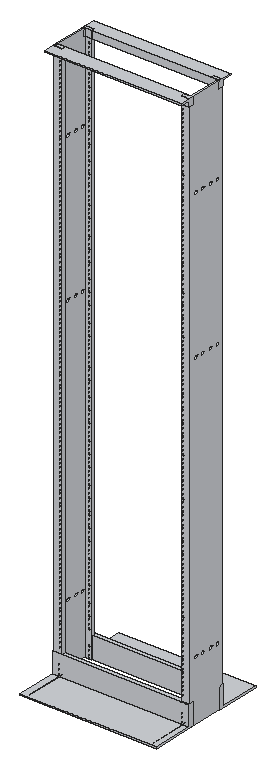
Revit family
Parameters
  Material ID = "760082495"
  Description = "6 IN (152 MM) CHANNEL X 7 FT (2134 MM) - 19 IN (482.6 MM) AI EQUIPMENT RACK (45U)  12-24 TAPPED RAILS, BLACK"
Reference planes (in)
  plane 1 "Center (Front/Back)": y = 0
  plane 2: z = 0
  plane 3 "Center (Left/Right)": x = 0
Forms (in)
  Extrusion 1, solid, not visible
    sketch origin (0, -14.305, 0) x (1, 0, 0) y (0, 0, 1)
      loop
        line (-8.5516, 0.86) -> (-8.5516, 0.46) -> (-7.9516, 0.46) -> (-7.9516, 0.86) -> (-8.5516, 0.86)
    from 0 to 0.77696
  Extrusion 2, solid
    sketch origin (0, 0, 0) x (1, 0, 0) y (0, 0, 1)
      loop
        line (-10.155, 42) -> (-10.155, -42) -> (10.155, -42) -> (10.155, 42) -> (0, 42) -> (-10.155, 42)
    from 0 to 6
  Extrusion 3, void
    sketch origin (0, 0, 0) x (1, 0, 0) y (0, 0, 1)
      loop
        line (-8.905, 52.735) -> (-8.905, -50.62) -> (8.905, -50.62) -> (8.905, 52.735) -> (-8.905, 52.735)
    from 0 to 36
  Extrusion 4, solid
    sketch origin (0, 0, 0) x (0, 1, 0) y (0, 0, 1)
      loop
        line (-5.5, -42) -> (-5.5, -38.8) -> (-6.2, -38.8) -> (-6.2, -41.8) -> (-12.2, -41.8) -> (-12.2, -42) -> (-5.5, -42)
      loop
        line (-5.5, 42) -> (-7.575, 42) -> (-7.575, 41.8) -> (-6.2, 41.8) -> (-6.2, 40.94396) -> (-5.5, 40.94396) -> (-5.5, 42)
      loop
        line (-0.65329, 42) -> (-0.65329, 40.94396) -> (0.2, 40.94396) -> (0.2, 41.8) -> (1.575, 41.8) -> (1.575, 42) -> (-0.65329, 42)
      loop
        line (-0.39397, -42) -> (6.2, -42) -> (6.2, -41.8) -> (0.2, -41.8) -> (0.2, -38.8) -> (-0.39397, -38.8) -> (-0.39397, -42)
    from -10.155 to 10.155
  Extrusion 5, void
    sketch origin (0, 0, 0) x (0, 1, 0) y (0, 0, 1)
      loop
        circle (-3.625, -33) r 0.335
      loop
        circle (-4.875, -33) r 0.335
      loop
        circle (-3.625, 7) r 0.335
      loop
        circle (-4.875, 7) r 0.335
      loop
        circle (-3.625, 29) r 0.335
      loop
        circle (-4.875, 29) r 0.335
      loop
        circle (-0.875, -33) r 0.335
      loop
        circle (-2.125, -33) r 0.335
      loop
        circle (-0.875, 7) r 0.335
      loop
        circle (-2.125, 7) r 0.335
      loop
        circle (-0.875, 29) r 0.335
      loop
        circle (-2.125, 29) r 0.335
    from -24.88707 to 25.18322
  Extrusion 6, void
    sketch origin (0, 0, -12.25) x (1, 0, 0) y (0, 0, 1)
      loop
        circle (-9.175, 52.515) r 0.089
      loop
        circle (-9.175, 51.89) r 0.089
      loop
        circle (-9.175, 51.265) r 0.089
      loop
        circle (9.175, 52.515) r 0.089
      loop
        circle (9.175, 51.89) r 0.089
      loop
        circle (9.175, 51.265) r 0.089
    from 0 to 36
  Extrusion 7, void
    sketch origin (0, 0, -14) x (1, 0, 0) y (0, 0, 1)
      loop
        circle (-9.175, 52.515) r 0.089
      loop
        circle (-9.175, 51.89) r 0.089
      loop
        circle (-9.175, 51.265) r 0.089
      loop
        circle (9.175, 52.515) r 0.089
      loop
        circle (9.175, 51.89) r 0.089
      loop
        circle (9.175, 51.265) r 0.089
    from 0 to 36
  Extrusion 8, void
    sketch origin (0, 0, -15.75) x (1, 0, 0) y (0, 0, 1)
      loop
        circle (-9.175, 52.515) r 0.089
      loop
        circle (-9.175, 51.89) r 0.089
      loop
        circle (-9.175, 51.265) r 0.089
      loop
        circle (9.175, 52.515) r 0.089
      loop
        circle (9.175, 51.89) r 0.089
      loop
        circle (9.175, 51.265) r 0.089
    from 0 to 36
  Extrusion 9, void
    sketch origin (0, 0, -17.5) x (1, 0, 0) y (0, 0, 1)
      loop
        circle (-9.175, 52.515) r 0.089
      loop
        circle (-9.175, 51.89) r 0.089
      loop
        circle (-9.175, 51.265) r 0.089
      loop
        circle (9.175, 52.515) r 0.089
      loop
        circle (9.175, 51.89) r 0.089
      loop
        circle (9.175, 51.265) r 0.089
    from 0 to 36
  Extrusion 10, void
    sketch origin (0, 0, -19.25) x (1, 0, 0) y (0, 0, 1)
      loop
        circle (-9.175, 52.515) r 0.089
      loop
        circle (-9.175, 51.89) r 0.089
      loop
        circle (-9.175, 51.265) r 0.089
      loop
        circle (9.175, 52.515) r 0.089
      loop
        circle (9.175, 51.89) r 0.089
      loop
        circle (9.175, 51.265) r 0.089
    from 0 to 36
  Extrusion 11, void
    sketch origin (0, 0, -21) x (1, 0, 0) y (0, 0, 1)
      loop
        circle (-9.175, 52.515) r 0.089
      loop
        circle (-9.175, 51.89) r 0.089
      loop
        circle (-9.175, 51.265) r 0.089
      loop
        circle (9.175, 52.515) r 0.089
      loop
        circle (9.175, 51.89) r 0.089
      loop
        circle (9.175, 51.265) r 0.089
    from 0 to 36
  Extrusion 12, void
    sketch origin (0, 0, -22.75) x (1, 0, 0) y (0, 0, 1)
      loop
        circle (-9.175, 52.515) r 0.089
      loop
        circle (-9.175, 51.89) r 0.089
      loop
        circle (-9.175, 51.265) r 0.089
      loop
        circle (9.175, 52.515) r 0.089
      loop
        circle (9.175, 51.89) r 0.089
      loop
        circle (9.175, 51.265) r 0.089
    from 0 to 36
  Extrusion 13, void
    sketch origin (0, 0, -24.5) x (1, 0, 0) y (0, 0, 1)
      loop
        circle (-9.175, 52.515) r 0.089
      loop
        circle (-9.175, 51.89) r 0.089
      loop
        circle (-9.175, 51.265) r 0.089
      loop
        circle (9.175, 52.515) r 0.089
      loop
        circle (9.175, 51.89) r 0.089
      loop
        circle (9.175, 51.265) r 0.089
    from 0 to 36
  Extrusion 14, void
    sketch origin (0, 0, -26.25) x (1, 0, 0) y (0, 0, 1)
      loop
        circle (-9.175, 52.515) r 0.089
      loop
        circle (-9.175, 51.89) r 0.089
      loop
        circle (-9.175, 51.265) r 0.089
      loop
        circle (9.175, 52.515) r 0.089
      loop
        circle (9.175, 51.89) r 0.089
      loop
        circle (9.175, 51.265) r 0.089
    from 0 to 36
  Extrusion 15, void
    sketch origin (0, 0, -28) x (1, 0, 0) y (0, 0, 1)
      loop
        circle (-9.175, 52.515) r 0.089
      loop
        circle (-9.175, 51.89) r 0.089
      loop
        circle (-9.175, 51.265) r 0.089
      loop
        circle (9.175, 52.515) r 0.089
      loop
        circle (9.175, 51.89) r 0.089
      loop
        circle (9.175, 51.265) r 0.089
    from 0 to 36
  Extrusion 16, void
    sketch origin (0, 0, -29.75) x (1, 0, 0) y (0, 0, 1)
      loop
        circle (-9.175, 52.515) r 0.089
      loop
        circle (-9.175, 51.89) r 0.089
      loop
        circle (-9.175, 51.265) r 0.089
      loop
        circle (9.175, 52.515) r 0.089
      loop
        circle (9.175, 51.89) r 0.089
      loop
        circle (9.175, 51.265) r 0.089
    from 0 to 36
  Extrusion 17, void
    sketch origin (0, 0, -31.5) x (1, 0, 0) y (0, 0, 1)
      loop
        circle (-9.175, 52.515) r 0.089
      loop
        circle (-9.175, 51.89) r 0.089
      loop
        circle (-9.175, 51.265) r 0.089
      loop
        circle (9.175, 52.515) r 0.089
      loop
        circle (9.175, 51.89) r 0.089
      loop
        circle (9.175, 51.265) r 0.089
    from 0 to 36
  Extrusion 18, void
    sketch origin (0, 0, -33.25) x (1, 0, 0) y (0, 0, 1)
      loop
        circle (-9.175, 52.515) r 0.089
      loop
        circle (-9.175, 51.89) r 0.089
      loop
        circle (-9.175, 51.265) r 0.089
      loop
        circle (9.175, 52.515) r 0.089
      loop
        circle (9.175, 51.89) r 0.089
      loop
        circle (9.175, 51.265) r 0.089
    from 0 to 36
  Extrusion 19, void
    sketch origin (0, 0, -35) x (1, 0, 0) y (0, 0, 1)
      loop
        circle (-9.175, 52.515) r 0.089
      loop
        circle (-9.175, 51.89) r 0.089
      loop
        circle (-9.175, 51.265) r 0.089
      loop
        circle (9.175, 52.515) r 0.089
      loop
        circle (9.175, 51.89) r 0.089
      loop
        circle (9.175, 51.265) r 0.089
    from 0 to 36
  Extrusion 20, void
    sketch origin (0, 0, -36.75) x (1, 0, 0) y (0, 0, 1)
      loop
        circle (-9.175, 52.515) r 0.089
      loop
        circle (-9.175, 51.89) r 0.089
      loop
        circle (-9.175, 51.265) r 0.089
      loop
        circle (9.175, 52.515) r 0.089
      loop
        circle (9.175, 51.89) r 0.089
      loop
        circle (9.175, 51.265) r 0.089
    from 0 to 36
  Extrusion 21, void
    sketch origin (0, 0, -38.5) x (1, 0, 0) y (0, 0, 1)
      loop
        circle (-9.175, 52.515) r 0.089
      loop
        circle (-9.175, 51.89) r 0.089
      loop
        circle (-9.175, 51.265) r 0.089
      loop
        circle (9.175, 52.515) r 0.089
      loop
        circle (9.175, 51.89) r 0.089
      loop
        circle (9.175, 51.265) r 0.089
    from 0 to 36
  Extrusion 22, void
    sketch origin (0, 0, -40.25) x (1, 0, 0) y (0, 0, 1)
      loop
        circle (-9.175, 52.515) r 0.089
      loop
        circle (-9.175, 51.89) r 0.089
      loop
        circle (-9.175, 51.265) r 0.089
      loop
        circle (9.175, 52.515) r 0.089
      loop
        circle (9.175, 51.89) r 0.089
      loop
        circle (9.175, 51.265) r 0.089
    from 0 to 36
  Extrusion 23, void
    sketch origin (0, 0, -42) x (1, 0, 0) y (0, 0, 1)
      loop
        circle (-9.175, 52.515) r 0.089
      loop
        circle (-9.175, 51.89) r 0.089
      loop
        circle (-9.175, 51.265) r 0.089
      loop
        circle (9.175, 52.515) r 0.089
      loop
        circle (9.175, 51.89) r 0.089
      loop
        circle (9.175, 51.265) r 0.089
    from 0 to 36
  Extrusion 24, void
    sketch origin (0, 0, -43.75) x (1, 0, 0) y (0, 0, 1)
      loop
        circle (-9.175, 52.515) r 0.089
      loop
        circle (-9.175, 51.89) r 0.089
      loop
        circle (-9.175, 51.265) r 0.089
      loop
        circle (9.175, 52.515) r 0.089
      loop
        circle (9.175, 51.89) r 0.089
      loop
        circle (9.175, 51.265) r 0.089
    from 0 to 36
  Extrusion 25, void
    sketch origin (0, 0, -45.5) x (1, 0, 0) y (0, 0, 1)
      loop
        circle (-9.175, 52.515) r 0.089
      loop
        circle (-9.175, 51.89) r 0.089
      loop
        circle (-9.175, 51.265) r 0.089
      loop
        circle (9.175, 52.515) r 0.089
      loop
        circle (9.175, 51.89) r 0.089
      loop
        circle (9.175, 51.265) r 0.089
    from 0 to 36
  Extrusion 26, void
    sketch origin (0, 0, -47.25) x (1, 0, 0) y (0, 0, 1)
      loop
        circle (-9.175, 52.515) r 0.089
      loop
        circle (-9.175, 51.89) r 0.089
      loop
        circle (-9.175, 51.265) r 0.089
      loop
        circle (9.175, 52.515) r 0.089
      loop
        circle (9.175, 51.89) r 0.089
      loop
        circle (9.175, 51.265) r 0.089
    from 0 to 36
  Extrusion 27, void
    sketch origin (0, 0, -49) x (1, 0, 0) y (0, 0, 1)
      loop
        circle (-9.175, 52.515) r 0.089
      loop
        circle (-9.175, 51.89) r 0.089
      loop
        circle (-9.175, 51.265) r 0.089
      loop
        circle (9.175, 52.515) r 0.089
      loop
        circle (9.175, 51.89) r 0.089
      loop
        circle (9.175, 51.265) r 0.089
    from 0 to 36
  Extrusion 28, void
    sketch origin (0, 0, -50.75) x (1, 0, 0) y (0, 0, 1)
      loop
        circle (-9.175, 52.515) r 0.089
      loop
        circle (-9.175, 51.89) r 0.089
      loop
        circle (-9.175, 51.265) r 0.089
      loop
        circle (9.175, 52.515) r 0.089
      loop
        circle (9.175, 51.89) r 0.089
      loop
        circle (9.175, 51.265) r 0.089
    from 0 to 36
  Extrusion 29, void
    sketch origin (0, 0, -52.5) x (1, 0, 0) y (0, 0, 1)
      loop
        circle (-9.175, 52.515) r 0.089
      loop
        circle (-9.175, 51.89) r 0.089
      loop
        circle (-9.175, 51.265) r 0.089
      loop
        circle (9.175, 52.515) r 0.089
      loop
        circle (9.175, 51.89) r 0.089
      loop
        circle (9.175, 51.265) r 0.089
    from 0 to 36
  Extrusion 30, void
    sketch origin (0, 0, -54.25) x (1, 0, 0) y (0, 0, 1)
      loop
        circle (-9.175, 52.515) r 0.089
      loop
        circle (-9.175, 51.89) r 0.089
      loop
        circle (-9.175, 51.265) r 0.089
      loop
        circle (9.175, 52.515) r 0.089
      loop
        circle (9.175, 51.89) r 0.089
      loop
        circle (9.175, 51.265) r 0.089
    from 0 to 36
  Extrusion 31, void
    sketch origin (0, 0, -56) x (1, 0, 0) y (0, 0, 1)
      loop
        circle (-9.175, 52.515) r 0.089
      loop
        circle (-9.175, 51.89) r 0.089
      loop
        circle (-9.175, 51.265) r 0.089
      loop
        circle (9.175, 52.515) r 0.089
      loop
        circle (9.175, 51.89) r 0.089
      loop
        circle (9.175, 51.265) r 0.089
    from 0 to 36
  Extrusion 32, void
    sketch origin (0, 0, -57.75) x (1, 0, 0) y (0, 0, 1)
      loop
        circle (-9.175, 52.515) r 0.089
      loop
        circle (-9.175, 51.89) r 0.089
      loop
        circle (-9.175, 51.265) r 0.089
      loop
        circle (9.175, 52.515) r 0.089
      loop
        circle (9.175, 51.89) r 0.089
      loop
        circle (9.175, 51.265) r 0.089
    from 0 to 36
  Extrusion 33, void
    sketch origin (0, 0, -59.5) x (1, 0, 0) y (0, 0, 1)
      loop
        circle (-9.175, 52.515) r 0.089
      loop
        circle (-9.175, 51.89) r 0.089
      loop
        circle (-9.175, 51.265) r 0.089
      loop
        circle (9.175, 52.515) r 0.089
      loop
        circle (9.175, 51.89) r 0.089
      loop
        circle (9.175, 51.265) r 0.089
    from 0 to 36
  Extrusion 34, void
    sketch origin (0, 0, -61.25) x (1, 0, 0) y (0, 0, 1)
      loop
        circle (-9.175, 52.515) r 0.089
      loop
        circle (-9.175, 51.89) r 0.089
      loop
        circle (-9.175, 51.265) r 0.089
      loop
        circle (9.175, 52.515) r 0.089
      loop
        circle (9.175, 51.89) r 0.089
      loop
        circle (9.175, 51.265) r 0.089
    from 0 to 36
  Extrusion 35, void
    sketch origin (0, 0, -63) x (1, 0, 0) y (0, 0, 1)
      loop
        circle (-9.175, 52.515) r 0.089
      loop
        circle (-9.175, 51.89) r 0.089
      loop
        circle (-9.175, 51.265) r 0.089
      loop
        circle (9.175, 52.515) r 0.089
      loop
        circle (9.175, 51.89) r 0.089
      loop
        circle (9.175, 51.265) r 0.089
    from 0 to 36
  Extrusion 36, void
    sketch origin (0, 0, -64.75) x (1, 0, 0) y (0, 0, 1)
      loop
        circle (-9.175, 52.515) r 0.089
      loop
        circle (-9.175, 51.89) r 0.089
      loop
        circle (-9.175, 51.265) r 0.089
      loop
        circle (9.175, 52.515) r 0.089
      loop
        circle (9.175, 51.89) r 0.089
      loop
        circle (9.175, 51.265) r 0.089
    from 0 to 36
  Extrusion 37, void
    sketch origin (0, 0, -66.5) x (1, 0, 0) y (0, 0, 1)
      loop
        circle (-9.175, 52.515) r 0.089
      loop
        circle (-9.175, 51.89) r 0.089
      loop
        circle (-9.175, 51.265) r 0.089
      loop
        circle (9.175, 52.515) r 0.089
      loop
        circle (9.175, 51.89) r 0.089
      loop
        circle (9.175, 51.265) r 0.089
    from 0 to 36
  Extrusion 38, void
    sketch origin (0, 0, -68.25) x (1, 0, 0) y (0, 0, 1)
      loop
        circle (-9.175, 52.515) r 0.089
      loop
        circle (-9.175, 51.89) r 0.089
      loop
        circle (-9.175, 51.265) r 0.089
      loop
        circle (9.175, 52.515) r 0.089
      loop
        circle (9.175, 51.89) r 0.089
      loop
        circle (9.175, 51.265) r 0.089
    from 0 to 36
  Extrusion 39, void
    sketch origin (0, 0, -70) x (1, 0, 0) y (0, 0, 1)
      loop
        circle (-9.175, 52.515) r 0.089
      loop
        circle (-9.175, 51.89) r 0.089
      loop
        circle (-9.175, 51.265) r 0.089
      loop
        circle (9.175, 52.515) r 0.089
      loop
        circle (9.175, 51.89) r 0.089
      loop
        circle (9.175, 51.265) r 0.089
    from 0 to 36
  Extrusion 40, void
    sketch origin (0, 0, -71.75) x (1, 0, 0) y (0, 0, 1)
      loop
        circle (-9.175, 52.515) r 0.089
      loop
        circle (-9.175, 51.89) r 0.089
      loop
        circle (-9.175, 51.265) r 0.089
      loop
        circle (9.175, 52.515) r 0.089
      loop
        circle (9.175, 51.89) r 0.089
      loop
        circle (9.175, 51.265) r 0.089
    from 0 to 36
  Extrusion 41, void
    sketch origin (0, 0, -73.5) x (1, 0, 0) y (0, 0, 1)
      loop
        circle (-9.175, 52.515) r 0.089
      loop
        circle (-9.175, 51.89) r 0.089
      loop
        circle (-9.175, 51.265) r 0.089
      loop
        circle (9.175, 52.515) r 0.089
      loop
        circle (9.175, 51.89) r 0.089
      loop
        circle (9.175, 51.265) r 0.089
    from 0 to 36
  Extrusion 42, void
    sketch origin (0, 0, -75.25) x (1, 0, 0) y (0, 0, 1)
      loop
        circle (-9.175, 52.515) r 0.089
      loop
        circle (-9.175, 51.89) r 0.089
      loop
        circle (-9.175, 51.265) r 0.089
      loop
        circle (9.175, 52.515) r 0.089
      loop
        circle (9.175, 51.89) r 0.089
      loop
        circle (9.175, 51.265) r 0.089
    from 0 to 36
  Extrusion 43, void
    sketch origin (0, 0, -77) x (1, 0, 0) y (0, 0, 1)
      loop
        circle (-9.175, 52.515) r 0.089
      loop
        circle (-9.175, 51.89) r 0.089
      loop
        circle (-9.175, 51.265) r 0.089
      loop
        circle (9.175, 52.515) r 0.089
      loop
        circle (9.175, 51.89) r 0.089
      loop
        circle (9.175, 51.265) r 0.089
    from 0 to 36
  Extrusion 44, void
    sketch origin (0, 0, -78.75) x (1, 0, 0) y (0, 0, 1)
      loop
        circle (-9.175, 52.515) r 0.089
      loop
        circle (-9.175, 51.89) r 0.089
      loop
        circle (-9.175, 51.265) r 0.089
      loop
        circle (9.175, 52.515) r 0.089
      loop
        circle (9.175, 51.89) r 0.089
      loop
        circle (9.175, 51.265) r 0.089
    from 0 to 36
  Extrusion 45, void
    sketch origin (0, 0, -80.5) x (1, 0, 0) y (0, 0, 1)
      loop
        circle (-9.175, 52.515) r 0.089
      loop
        circle (-9.175, 51.89) r 0.089
      loop
        circle (-9.175, 51.265) r 0.089
      loop
        circle (9.175, 52.515) r 0.089
      loop
        circle (9.175, 51.89) r 0.089
      loop
        circle (9.175, 51.265) r 0.089
    from 0 to 36
  Extrusion 46, void
    sketch origin (0, 0, -82.25) x (1, 0, 0) y (0, 0, 1)
      loop
        circle (-9.175, 52.515) r 0.089
      loop
        circle (-9.175, 51.89) r 0.089
      loop
        circle (-9.175, 51.265) r 0.089
      loop
        circle (9.175, 52.515) r 0.089
      loop
        circle (9.175, 51.89) r 0.089
      loop
        circle (9.175, 51.265) r 0.089
    from 0 to 36
  Extrusion 47, void
    sketch origin (0, 0, -84) x (1, 0, 0) y (0, 0, 1)
      loop
        circle (-9.175, 52.515) r 0.089
      loop
        circle (-9.175, 51.89) r 0.089
      loop
        circle (-9.175, 51.265) r 0.089
      loop
        circle (9.175, 52.515) r 0.089
      loop
        circle (9.175, 51.89) r 0.089
      loop
        circle (9.175, 51.265) r 0.089
    from 0 to 36
  Extrusion 48, void
    sketch origin (0, 0, -85.75) x (1, 0, 0) y (0, 0, 1)
      loop
        circle (-9.175, 52.515) r 0.089
      loop
        circle (-9.175, 51.89) r 0.089
      loop
        circle (-9.175, 51.265) r 0.089
      loop
        circle (9.175, 52.515) r 0.089
      loop
        circle (9.175, 51.89) r 0.089
      loop
        circle (9.175, 51.265) r 0.089
    from 0 to 36
  Extrusion 49, void
    sketch origin (0, 0, -87.5) x (1, 0, 0) y (0, 0, 1)
      loop
        circle (-9.175, 52.515) r 0.089
      loop
        circle (-9.175, 51.89) r 0.089
      loop
        circle (-9.175, 51.265) r 0.089
      loop
        circle (9.175, 52.515) r 0.089
      loop
        circle (9.175, 51.89) r 0.089
      loop
        circle (9.175, 51.265) r 0.089
    from 0 to 36
  Extrusion 50, void
    sketch origin (0, 0, -89.25) x (1, 0, 0) y (0, 0, 1)
      loop
        circle (-9.175, 52.515) r 0.089
      loop
        circle (-9.175, 51.89) r 0.089
      loop
        circle (-9.175, 51.265) r 0.089
      loop
        circle (9.175, 52.515) r 0.089
      loop
        circle (9.175, 51.89) r 0.089
      loop
        circle (9.175, 51.265) r 0.089
    from 0 to 36
  Extrusion 51, void
    sketch origin (0, 0, -92.75) x (1, 0, 0) y (0, 0, 1)
      loop
        circle (-9.175, 52.515) r 0.089
      loop
        circle (-9.175, 51.89) r 0.089
      loop
        circle (-9.175, 51.265) r 0.089
      loop
        circle (9.175, 52.515) r 0.089
      loop
        circle (9.175, 51.89) r 0.089
      loop
        circle (9.175, 51.265) r 0.089
    from 0 to 12
  Extrusion 52, void
    sketch origin (0, 0, -94.5) x (1, 0, 0) y (0, 0, 1)
      loop
        circle (-9.175, 52.515) r 0.089
      loop
        circle (-9.175, 51.89) r 0.089
      loop
        circle (-9.175, 51.265) r 0.089
      loop
        circle (9.175, 52.515) r 0.089
      loop
        circle (9.175, 51.89) r 0.089
      loop
        circle (9.175, 51.265) r 0.089
    from 0 to 12
  Extrusion 53, void
    sketch origin (0, -6, 42) x (1, 0, 0) y (0, -1, 0)
      loop
        line (-9.92376, -5.5) -> (9.88674, -5.5) -> (9.88674, -0.5) -> (-9.92376, -0.5) -> (-9.92376, -5.5)
    from 0 to 103.50785
Cuts and joins
  Extrusion 3, Extrusion 5, Extrusion 6, Extrusion 7, Extrusion 8, Extrusion 9, Extrusion 10, Extrusion 11, Extrusion 12, Extrusion 13, Extrusion 14, Extrusion 15, Extrusion 16, Extrusion 17, Extrusion 18, Extrusion 19, Extrusion 20, Extrusion 21, Extrusion 22, Extrusion 23, Extrusion 24, Extrusion 25, Extrusion 26, Extrusion 27, Extrusion 28, Extrusion 29, Extrusion 30, Extrusion 31, Extrusion 32, Extrusion 33, Extrusion 34, Extrusion 35, Extrusion 36, Extrusion 37, Extrusion 38, Extrusion 39, Extrusion 40, Extrusion 41, Extrusion 42, Extrusion 43, Extrusion 44, Extrusion 45, Extrusion 46, Extrusion 47, Extrusion 48, Extrusion 49, Extrusion 50, Extrusion 51, Extrusion 52, Extrusion 53 cuts Extrusion 2
  Extrusion 5, Extrusion 6, Extrusion 7, Extrusion 8, Extrusion 9, Extrusion 10, Extrusion 11, Extrusion 12, Extrusion 13, Extrusion 14, Extrusion 15, Extrusion 16, Extrusion 17, Extrusion 18, Extrusion 19, Extrusion 20, Extrusion 21, Extrusion 22, Extrusion 23, Extrusion 24, Extrusion 25, Extrusion 26, Extrusion 27, Extrusion 28, Extrusion 29, Extrusion 30, Extrusion 31, Extrusion 32, Extrusion 33, Extrusion 34, Extrusion 35, Extrusion 36, Extrusion 37, Extrusion 38, Extrusion 39, Extrusion 40, Extrusion 41, Extrusion 42, Extrusion 43, Extrusion 44, Extrusion 45, Extrusion 46, Extrusion 47, Extrusion 48, Extrusion 49, Extrusion 50, Extrusion 51, Extrusion 52, Extrusion 53 cuts Extrusion 4
